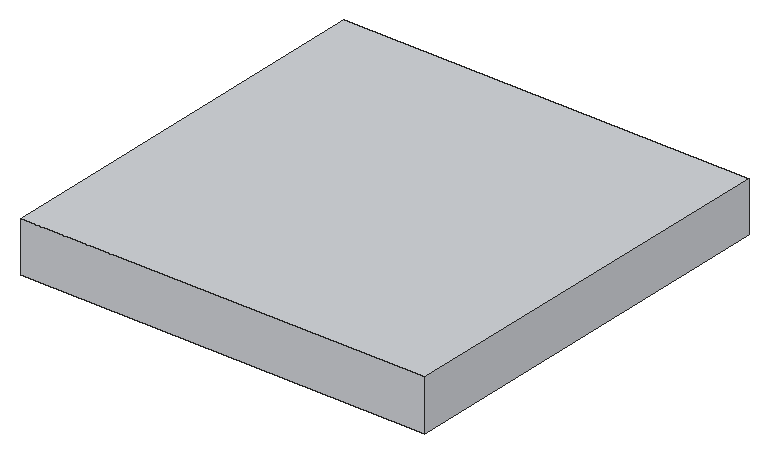
Revit family "00-7389-05-05", category Luminarias, Revit 2017
Family settings
  Anfitrión = Cara
  Cota de conector redondo = Diámetro de uso
  Tipo de pieza = Normal
  Número OmniClass = 23.80.70.00
  Título OmniClass = Lighting
  Corte con vacíos al cargar = No
  Origen de luz = No
  Compartido = Sí
  Punto de cálculo de habitación = No
Parameters (values of type "00-7389-05-05")
  Versión = "v1"
  Vatios (W) = 23
  Tipo de regulación = ""
  Tipo = "Colgante"
  Tender text (English) = "LEDS C4\nAttic Conic Shape\n00-7389-05-05\n\nPendant for indoor and outdoor use. \n\nFor downlighting. Design by Nahtrang. Ideal deco-tech compositions. Timeless design. Highly versatile, multiple installations. Highly customisable: accessories, finishes… No visible screws. Optimum price-performance. Easy instalation. High durability for intensive use. Structure material: Aluminium. Structure finish: Black. Warranty: 5 Years.\n\nProduct net weight (Kg): 0.000\nProduct width or diameter (mm): 240\nProduct height (mm): 2500\n\nClass 2. IP: IP20. E27. Maximum length of luminaire bulb: 120. Maximum diameter of luminaire bulb: 100. No. of lampholders or LEDs: 1. Maximum power of light source: 23W. Gear included: No. Total power: 23. Power factor: 1.00."
  Tender text (Castellano) = "LEDS C4\nAttic Conic Shape\n00-7389-05-05\n\nColgante de uso interior y exterior para iluminar hacia abajo. \n\nDiseño de Nahtrang. Ideal composiciones deco-tech. Diseño atemporal. Muy versátil. Múltiples instalaciones. Muy customizable: accesorios, acabados… Sin tornillos a la vista. Òptimo precio-rendimiento. Fácil instalación. Alta durabilidad para uso intensivo. Material estructura: Aluminio. Acabado estructura: Negro. Garantía: 5 Años.\n\nPeso neto del producto (Kg): 0.000\nAnchura o diámetro del producto (mm): 240\nAltura del producto (mm): 2500\n\nClase 2. IP: IP20. E27. Longitud máxima de la bombilla que admite la luminaria: 120. Diámetro máximo de la bombilla que admite la luminaria: 100. Nº de portalámparas o Leds: 1. Potencia máxima de la fuente de luz: 23W. Equipo incluido: No. Potencia total: 23. Factor de potencia: 1.00."
  Temperatura color led (K) = ""
  Referencia = "00-7389-05-05"
  Rayo de luz = ""
  Producto descatalogado = "Catalogado ES"
  Pluma comercial = "http://files.leds-c4.com/pl/00-7389-05-05.html"
  Peso neto (KG) = 0
  Material = "Aluminio"
  Lumenes reales (lm) = 0
  LDT = "http://files.leds-c4.com/ldt/00-7389-05-05.html"
  Imagen web = "http://files.leds-c4.com/main-photo/00-7389-05-05"
  IfcExportType = "NOTDEFINED"
  IfcExportAs = "IfcLightFixture\r\nIfcLightFixture"
  IP = "IP20"
  IMC = "http://files.leds-c4.com/imc/00-7389-05-05.html"
  IK = ""
  Fuente de luz = ""
  Fotometría = "http://files.leds-c4.com/fm/00-7389-05-05.html"
  Ficha = "http://files.leds-c4.com/ft/es/00-7389-05-05.html"
  FechaVersion = "Julio 2020"
  Familia = "Attic Conic Shape"
  Fabricante = "LEDS C4"
  Etiqueta V/f = "100-240V/50-60Hz"
  Elevación por defecto = 1000 mm
  Eficiencia energética = "NO BULB"
  EAN13 = "8435526891252"
  DescripcionUniformat2010 = "Lighting"
  DescripcionUniclass2015 = "Lighting"
  DescripcionOmniclass = "Lighting"
  DescripcionGubimclass = "Iluminación interior"
  CodigoUniformat2010 = "D5040"
  CodigoUniclass2015 = "EF_70_80"
  CodigoOmniclass = "21-04 50 40"
  CodigoGubimclass = "50.60.50.20"
  Catálogo = "Decorative"
  Carga aparente = 0 VA
  CRI = 0
  Acabado = "Negro"
Values of the unnamed type that differ from the named types
  Vatios (W) = 0
  Tipo = ""
  Tender text (English) = ""
  Tender text (Castellano) = ""
  Referencia = ""
  Producto descatalogado = ""
  Pluma comercial = ""
  Material = ""
  LDT = ""
  Imagen web = ""
  IP = ""
  IMC = ""
  Fotometría = ""
  Ficha = ""
  Familia = ""
  Etiqueta V/f = ""
  Eficiencia energética = ""
  EAN13 = ""
  Catálogo = ""
  Acabado = ""
Reference planes
  plane 1 "Centro (Frontal/Posterior)": y = 0
  plane 2: z = 0
  plane 3 "Centro (Izquierda/Derecha)": x = 0
  plane 4 "Elevación de origen de luz": z = 0
  plane 5 "Eje de origen de luz (F/P)": y = 0
  plane 6 "Eje de origen de luz (I/D)": x = 0
Forms (mm)
  Extrusion 1, solid
    sketch origin (0, 0, 0) x (1, 0, 0) y (0, 1, 0)
      loop
        line (-1219.2, 1219.2) -> (-1219.2, -1219.2) -> (1219.2, -1219.2) -> (1219.2, 1219.2) -> (-1219.2, 1219.2)
    from 0 to -304.8
Dimensions and locks
  aligned and locked: plane 2 to Extrusion 1
  aligned and locked: level to Extrusion 1
Nested families
  nested 1: "Luz anidada" at (0, 0.322, 1386.401), type "Tipo1"
Connectors
  electrical at (0, 0, 0)
    settings: on Extrusion 1, index 1, voltage 0 V, apparent load 0 VA, apparent load phase1 0 VA, apparent load phase2 0 VA, apparent load phase3 0 VA, power factor 1, load classification "Otro", number of poles 1, system type 31, power factor state 1, is connector primary yes, connector utility no, sub classification motor no, connector description ""
Definition of nested family "Luz anidada"
  Parameters (values of type "Tipo1")
    Tilt Angle = 90.00°
    Wattage = 23 W
    Tipo de regulación = ""
    Tipo = ""
    Tender text = ""
    built-in parameter 1150110 = 1 (stored number, unit not read)
    Pluma comercial = ""
    Material = ""
    Imagen = ""
    IP = ""
    IMC = ""
    IK = ""
    Fotometría = ""
    Ficha = ""
    Familia = ""
    Estado en catálogo = ""
    Peso neto = ""
    Lamp = ""
    built-in parameter 1114217 = 1 (stored number, unit not read)
    built-in parameter 1150109 = 1 (stored number, unit not read)
    Etiqueta vf = ""
    Eficiencia energética = ""
    EAN13 = ""
    built-in parameter 1150134 = (empty or 0)
    built-in parameter 1150113 = 1 (stored number, unit not read)
    Lumens = 2391 lm
    built-in parameter 1150115 = 1 (stored number, unit not read)
    built-in parameter 1150105 = 109.82 (stored number, unit not read)
    built-in parameter 1150137 = (empty or 0)
    built-in parameter 1150139 = (empty or 0)
    built-in parameter 1150112 = 1 (stored number, unit not read)
    built-in parameter 1150114 = 1 (stored number, unit not read)
    built-in parameter 1150132 = (empty or 0)
    built-in parameter 1150102 = (empty or 0)
    built-in parameter 1150138 = (empty or 0)
    built-in parameter 1150107 = 2700 (stored number, unit not read)
    built-in parameter 1150106 = 1.0982 (stored number, unit not read)
    built-in parameter 1150104 = 4.6452 (stored number, unit not read)
    Catálogo = ""
    Dimming Lamp Color Temperature Shift = (empty or 0)
    Color Filter = 16777215
    built-in parameter 1114218 = 1 (stored number, unit not read)
    CRI = 0
    Photometric Web File = "00-7389-05-05.ies"
    Acabado = ""
    built-in parameter 1150133 = 10 (stored number, unit not read)
  Reference planes
    plane 1 "Eje de origen de luz (F/P)": y = 0
    plane 2: z = 0
    plane 3 "Eje de origen de luz (I/D)": x = 0
    plane 4 "Elevación de origen de luz": z = 0
  Dimensions and locks
    aligned and locked: plane 3 "Eje de origen de luz (I/D)" to imposter light
    aligned and locked: plane 1 "Eje de origen de luz (F/P)" to imposter light
    aligned and locked: plane 4 "Elevación de origen de luz" to imposter light
    aligned and locked: level to plane 2
